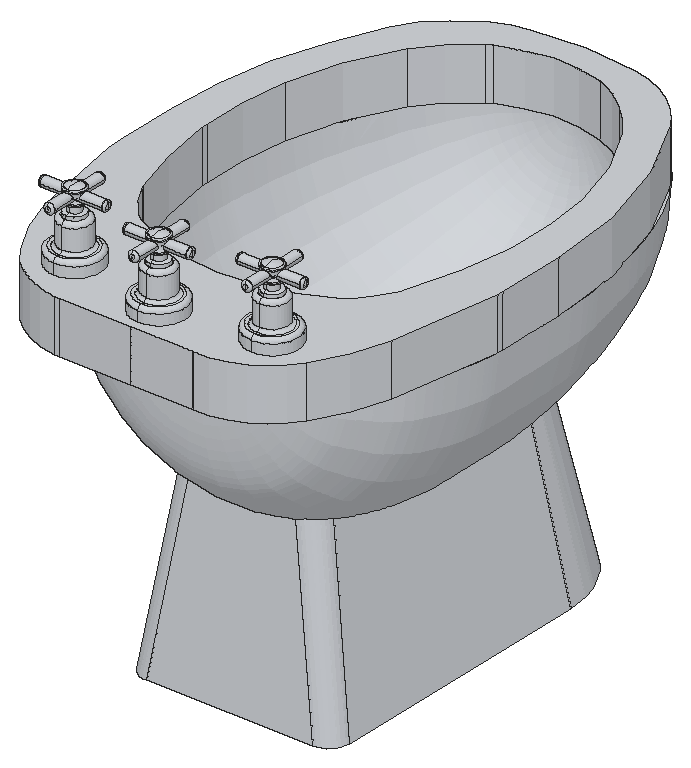
Revit family "Bidê com base na parede", category Peças hidrossanitárias, Revit 2019
Family settings
  Hospedeiro = Parede
  Cota do conector redondo = Utilizar diâmetro
  Tipo de parte = Normal
  Número OmniClass = 23.45.00.00
  Título OmniClass = Sanitary, Laundry, and Cleaning Equipment
  Sempre na vertical = Sim
  Corte com vazios quando carregada = Não
  Compartilhado = Não
  Ponto de cálculo do ambiente = Não
Parameters (values of type "370 x 550 x 385mm")
  Material do vaso sanitário = none
  Distância da parede [instance] = 158 mm
  Descrição = "Bidê"
Reference planes
  plane 1: y = 0
  plane 2 "Centro (Esquerda/Direita)": x = 125
  plane 3 "Parte posterior": y = 75
  plane 4: z = 0
  plane 5: y = 233
Text (mm)
  text "Lado da colocação" at (-1787.139, 592.35, 0), in view "Nível de referência"
  text "Lado da colocação" at (0, 1827.695, 2917.686), in view "Esquerda"
  text "Lado da colocação" at (0, 562.268, 3853.606), in view "Direita"
Dimensions and locks
  locked: plane 3 "Parte posterior" to host wall at 0
  locked: plane 4 to level
  "Distância da parede": plane 5 to plane 3 "Parte posterior"
  aligned and locked: plane 1 to host wall
  aligned and locked: nested 3 to nested 3  (x3)
  aligned and locked: nested 1 to nested 1  (x3)
  aligned and locked: nested 2 to nested 2  (x2)
  aligned and locked: nested 3 to nested 4  (x2)
  aligned and locked: nested 2 to nested 4
  aligned and locked: nested 1 to nested 4  (x2)
  aligned and locked: nested 4 to plane 4
  aligned and locked: plane 5 to nested 4
Nested families
  nested 1: "Torneira 1" at (220.072, 127.515, 385) x (0, 1, 0) z (0, 0, 1), type "Torneira 1", detail levels fine
  nested 2: "Torneira 1" at (125, 110.002, 385) x (0, 1, 0) z (0, 0, 1), type "Torneira 1", detail levels fine
  nested 3: "Torneira 1" at (29.928, 127.515, 385) x (0, 1, 0) z (0, 0, 1), type "Torneira 1", detail levels fine
  nested 4: "Bidê" at (125, 349.976, 0), type "370 x 550 x 385mm"
Definition of nested family "Torneira 1"
  Parameters
    Material da torneira = none
    Default Elevation = 1219.2 mm
  Reference planes
    plane 1 "Centro (Frente/Trás)": y = 0
    plane 2: z = 0
    plane 3 "Centro (Esquerda/Direita)": x = 0
  Forms (mm)
    Extrusion 1, solid, material <- "Material da torneira"
      sketch origin (0, 0, 0) x (1, 0, 0) y (0, 1, 0)
        loop
          line (-95, 100) -> (-95, -57.6) -> (44.803, -57.6) -> (44.803, 100) -> (-95, 100)
      from 0 to -50
    Extrusion 2, solid, material <- "Material da torneira"
      sketch origin (0, 0, 0) x (1, 0, 0) y (0, 1, 0)
        loop
          circle (0, 0) r 25
      from 0 to 10
    Revolve 3, solid, material <- "Material da torneira"
      sketch origin (0, 0, 0) x (1, 0, 0) y (0, 0, 1)
        loop
          arc (25, 10) -> (23.828, 12.828) -> (21, 14) r 4
          line (21, 14) -> (0, 14) -> (0, 10) -> (25, 10)
        axis (0, 10) -> (0, 14)
      angle from 0 to 360
    Revolve 4, solid, material <- "Material da torneira"
      sketch origin (0, 0, 0) x (1, 0, 0) y (0, 0, 1)
        loop
          line (15, 17) -> (0, 17) -> (0, 14) -> (18, 14)
          arc (18, 14) -> (15.879, 14.879) -> (15, 17) r 3
        axis (0, 14) -> (0, 17)
      angle from 0 to 360
    Extrusion 5, solid, material <- "Material da torneira"
      sketch origin (0, 0, 0) x (1, 0, 0) y (0, 1, 0)
        loop
          circle (0, 0) r 15
      from 17 to 37
    Revolve 6, solid, material <- "Material da torneira"
      sketch origin (0, 0, 0) x (1, 0, 0) y (0, 0, 1)
        loop
          arc (15, 37) -> (13.828, 39.828) -> (11, 41) r 4
          line (11, 41) -> (0, 41) -> (0, 37) -> (15, 37)
        axis (0, 37) -> (0, 41)
      angle from 0 to 360
    Extrusion 7, solid, material <- "Material da torneira"
      sketch origin (0, 0, 0) x (1, 0, 0) y (0, 1, 0)
        loop
          circle (0, 0) r 10
      from 41 to 44
    Revolve 8, solid, material <- "Material da torneira"
      sketch origin (0, 0, 0) x (1, 0, 0) y (0, 0, 1)
        loop
          line (6, 45) -> (0, 45) -> (0, 44) -> (10, 44)
          arc (10, 44) -> (8.062, 44.746) -> (6, 45) r 8.5
        axis (0, 44) -> (0, 45)
      angle from 0 to 360
    Extrusion 9, solid, material <- "Material da torneira"
      sketch origin (0, 0, 0) x (1, 0, 0) y (0, 1, 0)
        loop
          circle (0, 0) r 6
      from 45 to 52.5
    Revolve 10, solid, material <- "Material da torneira"
      sketch origin (0, 0, 0) x (1, 0, 0) y (0, 0, 1)
        loop
          line (10, 53.5) -> (0, 53.5) -> (0, 52.5) -> (9, 52.5)
          arc (9, 52.5) -> (9.707, 52.793) -> (10, 53.5) r 1
        axis (0, 52.5) -> (0, 53.5)
      angle from 0 to 360
    Extrusion 11, solid, material <- "Material da torneira"
      sketch origin (0, 0, 0) x (1, 0, 0) y (0, 1, 0)
        loop
          circle (0, 0) r 10
      from 53.5 to 54.5
    Extrusion 12, solid, material <- "Material da torneira"
      sketch origin (0, 0, 0) x (1, 0, 0) y (0, 1, 0)
        loop
          circle (0, 0) r 10
      from 63.945 to 64.945
    Revolve 13, solid, material <- "Material da torneira"
      sketch origin (0, 0, 0) x (1, 0, 0) y (0, 0, 1)
        loop
          line (10, 63.945) -> (0, 63.945) -> (0, 54.5) -> (10, 54.5)
          arc (10, 54.5) -> (8.931, 59.222) -> (10, 63.945) r 10.967
        axis (0, 54.5) -> (0, 63.945)
      angle from 0 to 360
    Revolve 14, solid, material <- "Material da torneira"
      sketch origin (0, 0, 0) x (1, 0, 0) y (0, 0, 1)
        loop
          arc (10, 64.945) -> (9.707, 65.652) -> (9, 65.945) r 1
          line (9, 65.945) -> (0, 65.945) -> (0, 64.945) -> (10, 64.945)
        axis (0, 64.945) -> (0, 65.945)
      angle from 0 to 360
    Revolve 15, solid, material <- "Material da torneira"
      sketch origin (0, 0, 0) x (1, 0, 0) y (0, 0, 1)
        loop
          arc (8, 65.945) -> (4.079, 67.114) -> (0, 67.445) r 19.602
          line (0, 67.445) -> (0, 65.945) -> (8, 65.945)
        axis (0, 65.945) -> (0, 67.445)
      angle from 0 to 360
    Extrusion 16, solid, material <- "Material da torneira"
      sketch origin (0, 0, 0) x (1, 0, 0) y (0, 0, 1)
        loop
          circle (0, 59.222) r 4.722
      from 0 to 30
    Revolve 17, solid, material <- "Material da torneira"
      sketch origin (0, 0, 0) x (0, 1, 0) y (0, 0, 1)
        loop
          arc (-30, 63.945) -> (-31.414, 63.359) -> (-32, 61.945) r 2
          line (-32, 61.945) -> (-32, 59.222) -> (-30, 59.222) -> (-30, 63.945)
        axis (-30, 59.222) -> (-32, 59.222)
      angle from 0 to 360
    Extrusion 18, solid, material <- "Material da torneira"
      sketch origin (0, 0, 0) x (0, 1, 0) y (0, 0, -1)
        loop
          circle (0, -59.222) r 4.722
      from 0 to 30
    Revolve 19, solid, material <- "Material da torneira"
      sketch origin (0, 0, 0) x (1, 0, 0) y (0, 0, -1)
        loop
          line (-30, -63.945) -> (-30, -59.222) -> (-32, -59.222) -> (-32, -61.945)
          arc (-32, -61.945) -> (-31.414, -63.359) -> (-30, -63.945) r 2
        axis (-30, -59.222) -> (-32, -59.222)
      angle from 0 to 360
    Extrusion 20, solid, material <- "Material da torneira"
      sketch origin (0, 0, 0) x (0, 1, 0) y (0, 0, 1)
        loop
          circle (0, 59.222) r 4.722
      from 0 to 30
    Revolve 21, solid, material <- "Material da torneira"
      sketch origin (0, 0, 0) x (-1, 0, 0) y (0, 0, 1)
        loop
          arc (-30, 63.945) -> (-31.414, 63.359) -> (-32, 61.945) r 2
          line (-32, 61.945) -> (-32, 59.222) -> (-30, 59.222) -> (-30, 63.945)
        axis (-30, 59.222) -> (-32, 59.222)
      angle from 0 to 360
    Extrusion 22, solid, material <- "Material da torneira"
      sketch origin (0, 0, 0) x (1, 0, 0) y (0, 0, -1)
        loop
          circle (0, -59.222) r 4.722
      from 0 to 30
    Revolve 23, solid, material <- "Material da torneira"
      sketch origin (0, 0, 0) x (0, -1, 0) y (0, 0, 1)
        loop
          arc (-30, 63.945) -> (-31.414, 63.359) -> (-32, 61.945) r 2
          line (-32, 61.945) -> (-32, 59.222) -> (-30, 59.222) -> (-30, 63.945)
        axis (-30, 59.222) -> (-32, 59.222)
      angle from 0 to 360
  Dimensions and locks
    aligned and locked: plane 2 to Extrusion 1
    aligned and locked: level to Extrusion 1
Definition of nested family "Bidê"
  Parameters (values of type "370 x 550 x 385mm")
    Material do vaso sanitário = none
    Description = "Bidê"
  Reference planes
    plane 1 "Centro (Frente/Trás)": y = 0
    plane 2: z = 0
    plane 3 "Centro (Esquerda/Direita)": x = 0
    plane 4: x = -185
    plane 5: x = 185
    plane 6: y = -275
    plane 7: y = 275
    plane 8: z = 385
    plane 9: z = 335
    plane 10: x = -100
    plane 11: x = 100
    plane 12: x = -60
    plane 13: x = 60
    plane 14: y = -110
    plane 15: y = -40
    plane 16: y = 125
    plane 17: x = -135
    plane 18: x = 135
    plane 19: y = 195
    plane 20: y = 216.171
    plane 21: z = 345
    plane 22: y = 222.46
    plane 23: x = -95.072
    plane 24: y = 239.973
    plane 25: y = 222.46
    plane 26: x = 95.072
    plane 27: y = 116.976
  Forms (mm)
    Revolve 1, solid, material <- "Material do vaso sanitário"
      sketch origin (625.452, 0, 335) x (1, 0, 0) y (0, 1, 0)
        loop
          line (-625.452, -273.167) -> (-625.452, 195)
          spline (-625.452, 195) -> (-727.378, 190.313) -> (-767.047, 167.57) -> (-799.098, 117.296) -> (-809.808, 71.166) -> (-810.449, 21.804) -> (-808.702, -43.414) -> (-799.68, -94.573) -> (-786.296, -148.37) -> (-763.595, -199.551) -> (-731.924, -242.253) -> (-686.491, -268.334) -> (-625.452, -273.167)
        axis (-625.452, 195) -> (-625.452, -273.167)
      angle from 0 to 180
    Blend 2, solid, material <- "Material do vaso sanitário"
      base sketch origin (0, -120, 0) x (1, 0, 0) y (0, 1, 0)
        loop
          arc (-80, 275) -> (-94.142, 269.142) -> (-100, 255) r 20
          line (-100, 255) -> (-100, -10)
          arc (-100, -10) -> (0, -110) -> (100, -10) r 100
          line (100, -10) -> (100, 255)
          arc (100, 255) -> (94.142, 269.142) -> (80, 275) r 20
          line (80, 275) -> (-80, 275)
      top sketch origin (0, -120, 0) x (1, 0, 0) y (0, 1, 0)
        loop
          arc (-40, 252.762) -> (-54.142, 246.904) -> (-60, 232.762) r 20
          line (-60, 232.762) -> (-60, 15)
          arc (-60, 15) -> (0, -45) -> (60, 15) r 60
          line (60, 15) -> (60, 232.762)
          arc (60, 232.762) -> (54.142, 246.904) -> (40, 252.762) r 20
          line (40, 252.762) -> (-40, 252.762)
      from 0 to 250
    Extrusion 3, solid, material <- "Material do vaso sanitário"
      sketch origin (625.452, 0, 335) x (1, 0, 0) y (0, 1, 0)
        loop
          line (-625.452, 273.709) -> (-694.034, 273.709)
          arc (-694.034, 273.709) -> (-696.362, 273.655) -> (-698.686, 273.492) r 50
          arc (-698.686, 273.492) -> (-735.603, 261.233) -> (-763.38, 234.003) r 86.261
          arc (-763.38, 234.003) -> (-780.377, 202.396) -> (-792.492, 168.616) r 241.019
          arc (-792.492, 168.616) -> (-803.661, 118.863) -> (-809.908, 68.254) r 520.398
          arc (-809.908, 68.254) -> (-810.316, 60.887) -> (-810.452, 53.509) r 200
          line (-810.452, 53.509) -> (-810.452, -10)
          arc (-810.452, -10) -> (-807.21, -60.415) -> (-797.536, -110) r 393.571
          arc (-797.536, -110) -> (-781.644, -159.321) -> (-760.452, -206.607) r 472.945
          arc (-760.452, -206.607) -> (-740.227, -234.807) -> (-712.739, -255.989) r 119.239
          arc (-712.739, -255.989) -> (-709.462, -257.784) -> (-706.152, -259.518) r 200
          arc (-706.152, -259.518) -> (-691.301, -265.669) -> (-675.656, -269.361) r 100
          arc (-675.656, -269.361) -> (-625.452, -273.167) -> (-575.248, -269.361) r 333.076
          arc (-575.248, -269.361) -> (-558.938, -265.452) -> (-543.511, -258.872) r 100
          arc (-543.511, -258.872) -> (-522.862, -244.842) -> (-505.76, -226.658) r 114.073
          arc (-505.76, -226.658) -> (-503.341, -223.302) -> (-501.064, -219.849) r 100
          arc (-501.064, -219.849) -> (-455.908, -119.214) -> (-440.452, -10) r 393.571
          line (-440.452, -10) -> (-440.452, 56.95)
          arc (-440.452, 56.95) -> (-440.504, 60.17) -> (-440.659, 63.387) r 100
          arc (-440.659, 63.387) -> (-446.831, 116.458) -> (-458.412, 168.616) r 520.398
          arc (-458.412, 168.616) -> (-470.527, 202.396) -> (-487.524, 234.003) r 241.019
          arc (-487.524, 234.003) -> (-520.68, 264.258) -> (-564.549, 273.759) r 86.261
          arc (-564.549, 273.759) -> (-565.547, 273.721) -> (-566.546, 273.709) r 40
          line (-566.546, 273.709) -> (-625.452, 273.709)
        loop
          arc (-529.093, 141.04) -> (-625.452, 168.616) -> (-721.81, 141.04) r 182.136
          arc (-721.81, 141.04) -> (-725.535, 138.411) -> (-728.937, 135.376) r 40
          arc (-728.937, 135.376) -> (-740.981, 121.013) -> (-750.344, 104.774) r 107.341
          arc (-750.344, 104.774) -> (-751.136, 102.954) -> (-751.838, 101.096) r 40
          arc (-751.838, 101.096) -> (-765.757, 52.435) -> (-773.986, 2.496) r 439.214
          arc (-773.986, 2.496) -> (-774.258, -0.505) -> (-774.44, -3.512) r 100
          arc (-774.44, -3.512) -> (-773.972, -47.239) -> (-768.61, -90.639) r 389.894
          arc (-768.61, -90.639) -> (-753.949, -141.338) -> (-729.277, -187.993) r 257.977
          arc (-729.277, -187.993) -> (-710.632, -210.946) -> (-688.054, -230.042) r 158.733
          arc (-688.054, -230.042) -> (-685.355, -231.767) -> (-682.527, -233.27) r 40
          arc (-682.527, -233.27) -> (-634.634, -245.97) -> (-585.439, -240.061) r 131.604
          arc (-585.439, -240.061) -> (-567.566, -232.37) -> (-551.521, -221.363) r 100
          arc (-551.521, -221.363) -> (-535.391, -205.738) -> (-521.627, -187.993) r 158.733
          arc (-521.627, -187.993) -> (-496.955, -141.338) -> (-482.294, -90.639) r 257.977
          arc (-482.294, -90.639) -> (-476.932, -47.239) -> (-476.463, -3.512) r 389.894
          arc (-476.463, -3.512) -> (-476.645, -0.505) -> (-476.918, 2.496) r 100
          arc (-476.918, 2.496) -> (-485.147, 52.435) -> (-499.066, 101.096) r 439.214
          arc (-499.066, 101.096) -> (-499.767, 102.954) -> (-500.56, 104.774) r 40
          arc (-500.56, 104.774) -> (-509.922, 121.013) -> (-521.967, 135.376) r 107.341
          arc (-521.967, 135.376) -> (-525.369, 138.411) -> (-529.093, 141.04) r 40
      from 0 to 50
    Revolve 4, void
      sketch origin (625.452, 0, 335) x (1, 0, 0) y (0, 1, 0)
        loop
          line (-625.452, -255) -> (-625.452, 185)
          spline (-625.452, 185) -> (-706.996, 165.877) -> (-740.899, 132.593) -> (-762, 88.558) -> (-773.128, 36.46) -> (-777.543, -3.855) -> (-777.178, -35.116) -> (-772.181, -73.094) -> (-761.172, -119.423) -> (-743.271, -162.947) -> (-723.51, -198.901) -> (-687.498, -235.816) -> (-625.452, -255)
        axis (-625.452, 185) -> (-625.452, -255)
      angle from 0 to 180
    Extrusion 5, void
      sketch origin (0, 0, 0) x (1, 0, 0) y (0, 1, 0)
        loop
          circle (0, 125) r 35
      from 193.325 to 250
  Cuts and joins
    Revolve 4, Extrusion 5 cuts Revolve 1
    Revolve 4, Extrusion 5 cuts Blend 2
    joined: Revolve 1, Blend 2
  Lines and regions (mm)
    Masking region 1
      outline origin (-1884.936, 275, 1200) x (-1, 0, 0) y (0, 0, 1)
        loop
          line (-1719.482, -815) -> (-2050.39, -815)
          arc (-2050.39, -815) -> (-2055.02, -816.442) -> (-2057.959, -820.3) r 7.974
          line (-2057.959, -820.3) -> (-2069.106, -861.903)
          arc (-2069.106, -861.903) -> (-2069.19, -864.753) -> (-2068.23, -867.437) r 7.684
          line (-2068.23, -867.437) -> (-1969.56, -1008.352)
          arc (-1969.56, -1008.352) -> (-1954.484, -1046.626) -> (-1958.426, -1087.573) r 88.108
          line (-1958.426, -1087.573) -> (-1984.36, -1197.557)
          arc (-1984.36, -1197.557) -> (-1984.007, -1199.229) -> (-1982.481, -1200) r 1.975
          line (-1982.481, -1200) -> (-1787.391, -1200)
          arc (-1787.391, -1200) -> (-1785.865, -1199.229) -> (-1785.512, -1197.557) r 1.975
          line (-1785.512, -1197.557) -> (-1811.446, -1087.573)
          arc (-1811.446, -1087.573) -> (-1815.389, -1046.626) -> (-1800.312, -1008.352) r 88.108
          line (-1800.312, -1008.352) -> (-1701.642, -867.437)
          arc (-1701.642, -867.437) -> (-1700.682, -864.753) -> (-1700.766, -861.903) r 7.684
          line (-1700.766, -861.903) -> (-1711.914, -820.3)
          arc (-1711.914, -820.3) -> (-1714.852, -816.442) -> (-1719.482, -815) r 7.974
    Masking region 2
      outline origin (0, 0, 0) x (0, 1, 0) y (0, 0, 1)
        loop
          arc (265.894, 379.319) -> (263.52, 383.364) -> (259.124, 385) r 6.995
          line (259.124, 385) -> (-259.091, 385)
          arc (-259.091, 385) -> (-263.137, 383.366) -> (-265.384, 379.626) r 6.875
          line (-265.384, 379.626) -> (-273.253, 335)
          spline (-273.253, 335) -> (-268.391, 286.891) -> (-258.226, 261.776) -> (-239.437, 237.899) -> (-210.471, 214.812) -> (-186.635, 197.881) -> (-171.274, 181.981) -> (-163.563, 154.459) -> (-167.073, 133.515) -> (-177.137, 109.086) -> (-191.27, 77.712) -> (-211.458, 36.59) -> (-229.472, 1.102)
          arc (-229.472, 1.102) -> (-229.535, 0.445) -> (-229.049, 0) r 0.739
          line (-229.049, 0) -> (153.602, 0)
          arc (153.602, 0) -> (154.448, 0.324) -> (154.856, 1.132) r 1.257
          line (154.856, 1.132) -> (133.315, 170.828)
          arc (133.315, 170.828) -> (151.274, 174.817) -> (163.813, 188.278) r 31.014
          line (163.813, 188.278) -> (197.126, 345) -> (269.678, 345)
          arc (269.678, 345) -> (271.14, 345.676) -> (271.552, 347.233) r 1.893
          line (271.552, 347.233) -> (265.894, 379.319)
    Masking region 3, detail levels medium+fine
      outline origin (0, 0, 0) x (0, 1, 0) y (0, 0, 1)
        loop
          line (217.572, 345) -> (197.126, 345) -> (163.813, 188.278)
          arc (163.813, 188.278) -> (151.274, 174.817) -> (133.315, 170.828) r 31.014
          line (133.315, 170.828) -> (135.867, 150.723)
          arc (135.867, 150.723) -> (164.143, 159.273) -> (182.939, 182.061) r 51.014
          line (182.939, 182.061) -> (217.572, 345)
    Masking region 4
      outline origin (0, 0, 0) x (1, 0, 0) y (0, 1, 0)
        loop
          arc (-99.879, 275) -> (-128.458, 265.45) -> (-145.554, 240.636) r 47.536
          arc (-145.554, 240.636) -> (-173.73, 110.571) -> (-184.938, -22.038) r 1032.156
          arc (-184.938, -22.038) -> (-172.007, -118.222) -> (-130.626, -206.006) r 317.499
          arc (-130.626, -206.006) -> (-73.961, -256.987) -> (0, -275.417) r 157.62
          arc (0, -275.417) -> (73.961, -256.987) -> (130.626, -206.007) r 157.619
          arc (130.626, -206.007) -> (172.007, -118.222) -> (184.938, -22.038) r 317.499
          arc (184.938, -22.038) -> (173.741, 110.499) -> (145.594, 240.496) r 1032.156
          arc (145.594, 240.496) -> (128.516, 265.406) -> (99.879, 275) r 47.536
          line (99.879, 275) -> (-99.879, 275)
    Masking region 5
      outline origin (0, 0, 0) x (1, 0, 0) y (0, 1, 0)
        loop
          arc (-93.274, 105.374) -> (-137.106, -37.737) -> (-93.274, -180.849) r 255.544
          arc (-93.274, -180.849) -> (-52.806, -217.231) -> (0, -230.383) r 112.585
          arc (0, -230.383) -> (52.806, -217.231) -> (93.274, -180.849) r 112.585
          arc (93.274, -180.849) -> (137.106, -37.737) -> (93.274, 105.374) r 255.544
          arc (93.274, 105.374) -> (52.805, 141.757) -> (0, 154.909) r 112.585
          arc (0, 154.909) -> (-52.806, 141.757) -> (-93.274, 105.374) r 112.585
    symbolic lines
      curve 1: line (-165.454, 0, 385) -> (165.454, 0, 385)
      curve 2: line (173.023, 0, 379.7) -> (184.17, 0, 338.097)
      curve 3: arc (173.023, 0, 379.7) -> (170.084, 0, 383.558) -> (165.454, 0, 385) r 7.974
      curve 4: line (-173.023, 0, 379.7) -> (-184.17, 0, 338.097)
      curve 5: arc (-173.023, 0, 379.7) -> (-170.084, 0, 383.558) -> (-165.454, 0, 385) r 7.974
      curve 6: line (183.294, 0, 332.563) -> (84.624, 0, 191.648)
      curve 7: line (97.545, 0, 0) -> (-97.545, 0, 0)
      curve 8: arc (84.624, 0, 191.648) -> (69.548, 0, 153.374) -> (73.49, 0, 112.427) r 88.108
      curve 9: line (73.49, 0, 112.427) -> (99.424, 0, 2.443)
      curve 10: arc (97.545, 0, 0) -> (99.071, 0, 0.771) -> (99.424, 0, 2.443) r 1.975
      curve 11: line (-183.294, 0, 332.563) -> (-84.624, 0, 191.648)
      curve 12: arc (-84.624, 0, 191.648) -> (-69.548, 0, 153.374) -> (-73.49, 0, 112.427) r 88.108
      curve 13: line (-73.49, 0, 112.427) -> (-99.424, 0, 2.443)
      curve 14: arc (-97.545, 0, 0) -> (-99.071, 0, 0.771) -> (-99.424, 0, 2.443) r 1.975
      curve 15: arc (184.17, 0, 338.097) -> (184.254, 0, 335.247) -> (183.294, 0, 332.563) r 7.684
      curve 16: arc (-184.17, 0, 338.097) -> (-184.254, 0, 335.247) -> (-183.294, 0, 332.563) r 7.684
      curve 18: line (0, -259.091, 385) -> (0, 259.124, 385)
      curve 19: line (0, 265.894, 379.319) -> (0, 271.552, 347.233)
      curve 20: line (0, 197.126, 345) -> (0, 163.813, 188.278)
      curve 21: line (0, 133.315, 170.828) -> (0, 154.856, 1.132)
      curve 22: arc (0, 163.813, 188.278) -> (0, 151.274, 174.817) -> (0, 133.315, 170.828) r 31.014
      curve 23: line (0, -273.253, 335) -> (0, -265.384, 379.626)
      curve 24: line (0, -273.253, 335) -> (0, -229.472, 1.102)
      curve 25: line (0, 153.602, 0) -> (0, -229.049, 0)
      curve 26: arc (0, 265.894, 379.319) -> (0, 263.52, 383.364) -> (0, 259.124, 385) r 6.995
      curve 27: arc (0, -259.091, 385) -> (0, -263.137, 383.366) -> (0, -265.384, 379.626) r 6.875
      curve 28: arc (0, 154.856, 1.132) -> (0, 154.448, 0.324) -> (0, 153.602, 0) r 1.257
      curve 29: arc (0, -229.472, 1.102) -> (0, -229.535, 0.445) -> (0, -229.049, 0) r 0.739
      curve 36: arc (0, 271.552, 347.233) -> (0, 271.14, 345.676) -> (0, 269.678, 345) r 1.893
      curve 51: arc (-146.819, 234.97, 0) -> (-130.725, 263.633, 0) -> (-99.879, 275, 0) r 47.536
      curve 52: line (-99.879, 275, 0) -> (99.879, 275, 0)
      curve 53: arc (99.879, 275, 0) -> (128.516, 265.406, 0) -> (145.594, 240.496, 0) r 47.536
      curve 54: arc (145.594, 240.496, 0) -> (173.741, 110.499, 0) -> (184.938, -22.038, 0) r 1032.156
      curve 55: arc (184.938, -22.038, 0) -> (172.007, -118.222, 0) -> (130.626, -206.007, 0) r 317.499
      curve 56: arc (130.626, -206.007, 0) -> (73.961, -256.987, 0) -> (0, -275.417, 0) r 157.619
      curve 57: arc (0, -275.417, 0) -> (-73.961, -256.987, 0) -> (-130.626, -206.006, 0) r 157.62
      curve 58: arc (-130.626, -206.006, 0) -> (-172.007, -118.222, 0) -> (-184.938, -22.038, 0) r 317.499
      curve 59: arc (-184.938, -22.038, 0) -> (-173.741, 110.499, 0) -> (-145.593, 240.496, 0) r 1032.156
      curve 60: arc (0, 154.909, 0) -> (52.805, 141.757, 0) -> (93.274, 105.374, 0) r 112.585
      curve 61: arc (93.274, 105.374, 0) -> (137.106, -37.737, 0) -> (93.274, -180.849, 0) r 255.544
      curve 62: arc (93.274, -180.849, 0) -> (52.806, -217.231, 0) -> (0, -230.383, 0) r 112.585
      curve 63: arc (0, -230.383, 0) -> (-52.806, -217.231, 0) -> (-93.274, -180.849, 0) r 112.585
      curve 64: arc (-93.274, -180.849, 0) -> (-137.106, -37.737, 0) -> (-93.274, 105.374, 0) r 255.544
      curve 65: arc (-93.274, 105.374, 0) -> (-52.806, 141.757, 0) -> (0, 154.909, 0) r 112.585
    symbolic lines, detail levels medium+fine
      curve 17: line (184.211, 0, 335) -> (-184.211, 0, 335)
      curve 30: line (0, 133.315, 170.828) -> (0, -121.685, 170.828)
      curve 31: arc (0, -121.685, 170.828) -> (0, -153.017, 176.607) -> (0, -180.227, 193.181) r 87.837
      curve 32: line (0, 217.572, 345) -> (0, 182.939, 182.061)
      curve 33: arc (0, 182.939, 182.061) -> (0, 164.143, 159.273) -> (0, 135.867, 150.723) r 51.014
      curve 66: circle (-95.072, 222.46, 0) r 17.513 normal (0, 0, 1)
      curve 67: circle (0, 239.973, 0) r 17.513 normal (0, 0, 1)
      curve 68: circle (95.072, 222.46, 0) r 17.513 normal (0, 0, 1)
      curve 69: circle (0, 117.177, 0) r 22.517 normal (0, 0, 1)
      curve 70: circle (0, 117.177, 0) r 35.027 normal (0, 0, 1)
    symbolic lines, detail levels fine
      curve 34: line (0, 269.678, 345) -> (0, 76.946, 345)
      curve 35: line (0, 76.946, 345) -> (0, 55, 335)
      curve 37: line (0, 55, 335) -> (0, -273.253, 335)
      curve 38: line (0, 151.065, 31) -> (0, -55.144, 31)
      curve 39: line (0, -95.144, 71) -> (0, -95.144, 127.069)
      curve 40: arc (0, -55.144, 31) -> (0, -83.428, 42.716) -> (0, -95.144, 71) r 40
      curve 41: line (0, 150.176, 38) -> (0, -49.824, 38)
      curve 42: arc (0, -49.824, 38) -> (0, -76.596, 47.218) -> (0, -92.017, 70.965) r 43.485
      curve 43: line (0, -92.017, 70.965) -> (0, -95.144, 127.069)
      curve 45: arc (146.819, 234.969, 0) -> (163.347, 114.017, 0) -> (174.356, -7.562, 0) r 2683.303
      curve 46: arc (174.356, -7.562, 0) -> (164.467, -108.339, 0) -> (122.386, -200.442, 0) r 307.556
      curve 47: arc (122.386, -200.442, 0) -> (69.295, -248.207, 0) -> (0, -265.475, 0) r 147.677
      curve 48: arc (0, -265.475, 0) -> (-69.296, -248.207, 0) -> (-122.386, -200.443, 0) r 147.677
      curve 49: arc (-122.386, -200.443, 0) -> (-164.467, -108.339, 0) -> (-174.356, -7.562, 0) r 307.556
      curve 50: arc (-174.356, -7.562, 0) -> (-163.347, 114.017, 0) -> (-146.819, 234.97, 0) r 2683.301
      curve 71: circle (0, -104.953, 0) r 14.011 normal (0, 0, 1)
    symbolic lines, detail levels coarse+medium
      curve 44: line (0, 269.678, 345) -> (0, 197.126, 345)
  Dimensions and locks
    plane 16 to plane 27 = 8.024 mm
    aligned and locked: level to plane 2
